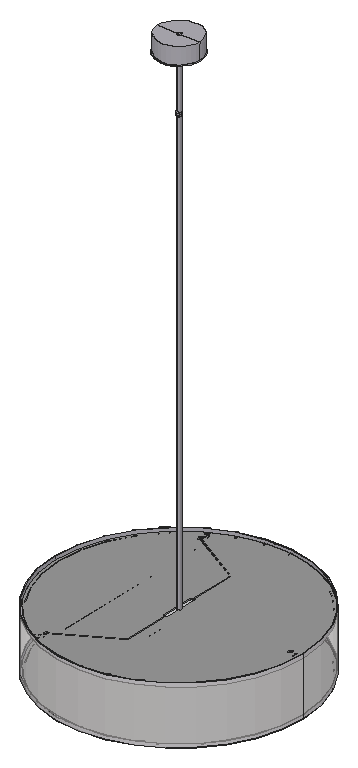
Revit family "Lighting - Lumetta - Pendant - P53408", category Lighting Fixtures, host Ceiling, Revit 2015
Parameters
  Wattage = 11.7117 W
  built-in parameter 1150110 = 1 (stored number, unit not read)
  URL = "https://lumetta.com/luminaires/drum-shallow-34-pendant/"
  Type Comments = "Drum Shallow 34'' Pendant"  # constant formula
  built-in parameter 1114217 = 1 (stored number, unit not read)
  Top Lens-Material [instance] = Acrylic - 2447 - White
  Top Lens [instance] = yes
  built-in parameter 1150109 = 1 (stored number, unit not read)
  built-in parameter 1150134 = (empty or 0)
  Suspension [instance] = 2
  built-in parameter 1150113 = 1 (stored number, unit not read)
  Stem Hung-ALL Lamping [instance] = Suspension = 2  # yes
  STD-NON_DIM [instance] = not([3-4-LED])  # yes
  Light Source Symbol Size = 0' - 1"
  Coupling-Stems Over 60 inches [instance] = and([Stem Hung-ALL Lamping], Fixture Drop > 5' 0")  # yes
  Model = "P53408"  # constant formula
  Manufacturer = "Lumetta, Inc."  # constant formula
  Lumens = 1300 lm
  built-in parameter 1150115 = 1 (stored number, unit not read)
  built-in parameter 1150105 = 103.45 (stored number, unit not read)
  built-in parameter 1150137 = (empty or 0)
  built-in parameter 1150139 = (empty or 0)
  built-in parameter 1150112 = 1 (stored number, unit not read)
  built-in parameter 1150114 = 1 (stored number, unit not read)
  built-in parameter 1150132 = 1
  built-in parameter 1150102 = (empty or 0)
  built-in parameter 1150138 = (empty or 0)
  built-in parameter 1150107 = 3000 (stored number, unit not read)
  built-in parameter 1150106 = 1.0345 (stored number, unit not read)
  Frame Finish [instance] = Paint - Lumetta - F02 - PC_Chrome
  Fixture Height [instance] = 0' - 8"
  Fixture Drop [instance] = 5' - 10"
  built-in parameter 1150104 = 10.312 (stored number, unit not read)
  Dimming Lamp Color Temperature Shift = (empty or 0)
  Diffuser Material [instance] = Shade - Lumetta - D61 - MT_White
  Description = ""
  Cord [instance] = Suspension = 1  # no
  Bottom Lens-Material [instance] = Acrylic - P95 - Etched White
  Bottom Lens [instance] = yes
  3-4-LED [instance] = and([3 or 4 Wire Dimming OR LED], Suspension = 1)  # no
  3 or 4 Wire Dimming OR LED [instance] = yes
  3 Cables [instance] = Suspension = 1  # no
  1CRD-3CBL-ALL Lamping [instance] = Suspension = 1  # no
  Cord Color [instance] = Cord, Black
  Color Filter = 16777215
  built-in parameter 1114218 = 1 (stored number, unit not read)
  built-in parameter 1150133 = 10 (stored number, unit not read)
Reference planes (in)
  plane 1 "Light Source Axis (F/B)": y = 0
  plane 2 "Ceiling": z = 96
  plane 3 "Light Source Axis (L/R)": x = 0
  plane 4 "Light Source Elevation": z = 23.5
  plane 5 "Fixture-Top": z = 26
  plane 6 "Fixture-OD": x = 17
  plane 7 "Fixture-Height": z = 18
  plane 8: through (0, 0, 0) normal (-0.5, -0.866, 0)
  plane 9: y = 0
  plane 10: through (0, 0, 0) normal (0.5, -0.866, 0)
  plane 11 "Plane-120": through (-8.5, 14.72243, 0) normal (0.5, -0.866, 0)
  plane 12 "Plane-240": through (-70.85383, 21.27757, 0) normal (0.5, 0.866, 0)
  plane 13: through (0, 0, 0) normal (-0.866, -0.5, 0)
  plane 14: through (0, 0, 0) normal (0.866, -0.5, 0)
Forms (in)
  Revolve 1, solid, material "Paint - Lumetta - F02 - PC_Chrome" <- "Frame Finish", visible <- "1CRD-3CBL-ALL Lamping"
    sketch origin (0, 0, 0) x (1, 0, 0) y (0, 0, 1)
      loop
        line (0, 96) -> (0, 95.4375) -> (3, 95.4375) -> (3, 95.5) -> (2.87509, 95.5) -> (2.87509, 96) -> (0, 96)
      axis (0, 96) -> (0, 95.4375)
    angle from 0 to 360
  Extrusion 2, void
    sketch origin (0, 0, 95.4375) x (0, -1, 0) y (1, 0, 0)
      loop
        circle (0, 0) r 0.25
      loop
        circle (0, 2.5) r 0.06274
      loop
        circle (-2.16506, -1.25) r 0.06274
      loop
        circle (2.16506, -1.25) r 0.06274
    from 0 to 0.06358
  Revolve 3, solid, material "Paint - Lumetta - F02 - PC_Chrome" <- "Frame Finish"
    sketch origin (0, 0, 0) x (1, 0, 0) y (0, 0, 1)
      loop
        line (17, 26) -> (16.93781, 26) -> (16.93781, 25.56373) -> (16.50031, 25.56373) -> (16.50031, 25.50123) -> (17, 25.50123) -> (17, 26)
      loop
        line (17, 18.50004) -> (16.93781, 18.50004) -> (16.93781, 18.06378) -> (16.50031, 18.06378) -> (16.50031, 18) -> (17, 18) -> (17, 18.50004)
      axis (0, 26) -> (0, 18)
    angle from 0 to 360
  Revolve 4, solid, material "Shade - Lumetta - D61 - MT_White" <- "Diffuser Material"
    sketch origin (0, 0, 0) x (1, 0, 0) y (0, 0, 1)
      loop
        line (17, 26) -> (17, 18) -> (17.06242, 18) -> (17.06242, 26) -> (17, 26)
      axis (0, 26) -> (0, 18)
    angle from 0 to 360
  Extrusion 5, solid, material "Paint - Lumetta - F02 - PC_Chrome" <- "Frame Finish", visible <- "Stem Hung-ALL Lamping"
    sketch origin (0, 0, 26) x (0, -1, 0) y (-1, 0, 0)
      loop
        circle (0, 0) r 0.25
    from 0.56254 to -70
  Revolve 6, solid, material "Paint - Lumetta - F02 - PC_Chrome" <- "Frame Finish", visible <- "Coupling-Stems Over 60 inches"
    sketch origin (0, 0, 0) x (1, 0, 0) y (0, 0, 1)
      loop
        line (0, 86.53023) -> (0, 86) -> (0.26233, 86)
        arc (0.26233, 86) -> (0.31307, 86.05074) -> (0.26233, 86.10149) r 0.05074
        arc (0.26233, 86.10149) -> (0.29304, 86.26499) -> (0.26243, 86.42851) r 0.45126
        arc (0.26243, 86.42851) -> (0.31329, 86.47937) -> (0.26243, 86.53023) r 0.05086
        line (0.26243, 86.53023) -> (0, 86.53023)
      axis (0, 86.53023) -> (0, 86)
    angle from 0 to 360
  Revolve 7, solid, material "Paint - Lumetta - F02 - PC_Chrome" <- "Frame Finish", visible <- "Stem Hung-ALL Lamping"
    sketch origin (0, 0, 0) x (1, 0, 0) y (0, 0, 1)
      loop
        line (0, 96) -> (0, 93.40625) -> (0.34988, 93.40625)
        arc (0.34988, 93.40625) -> (0.49124, 93.54417) -> (0.58115, 93.72) r 0.61026
        line (0.58115, 93.72) -> (3, 93.72) -> (3, 93.78) -> (2.875, 93.78) -> (2.875, 96) -> (0, 96)
      axis (0, 96) -> (0, 93.40625)
    angle from 0 to 360
  Extrusion 8, solid, material "Cord, Black" <- "Cord Color", visible <- "1CRD-3CBL-ALL Lamping"
    sketch origin (0, 0, 26) x (0, -1, 0) y (1, 0, 0)
      loop
        circle (0, 0) r 0.15674
    from -0.56254 to 70
  Extrusion 9, solid
    sketch origin (0, 0, 26) x (0, -1, 0) y (1, 0, 0)
      loop
        line (-0.5, 16.48559) -> (-0.5, 15.75) -> (0.5, 15.75) -> (0.5, 16.48559)
        arc (0.5, 16.48559) -> (0, 16.49317) -> (-0.5, 16.48559) r 16.49317
      loop
        circle (0, 16) r 0.11051
      loop
        arc (-14.53312, -7.81335) -> (-14.28968, -8.25015) -> (-14.03312, -8.67938) r 16.50031
        line (-14.03312, -8.67938) -> (-13.3899, -8.30801) -> (-13.8899, -7.44199) -> (-14.53312, -7.81335)
      loop
        circle (-13.85641, -8) r 0.10826
      loop
        arc (14.02694, -8.67581) -> (14.2835, -8.24658) -> (14.52694, -7.80978) r 16.49317
        line (14.52694, -7.80978) -> (13.8899, -7.44199) -> (13.3899, -8.30801) -> (14.02694, -8.67581)
      loop
        circle (13.85641, -8) r 0.10826
    from -0.43627 to -0.49877
  Extrusion 10, solid
    sketch origin (0, 0, 26) x (0, -1, 0) y (1, 0, 0)
      loop
        circle (0, 16) r 0.11051
      loop
        line (-0.76833, 16.23292) -> (-0.76833, 15.46921) -> (-13.81756, -7.13271) -> (-14.42396, -7.48282) -> (-13.67396, -8.78185) -> (-13.01257, -8.4) -> (13.08589, -8.4) -> (13.69229, -8.7501) -> (14.44229, -7.45107) -> (13.7809, -7.06921) -> (0.73167, 15.53271) -> (0.73167, 16.23292) -> (-0.76833, 16.23292)
      loop
        circle (0, 15.25) r 0.15796
      loop
        circle (-13.85641, -8) r 0.11051
      loop
        circle (-13.20689, -7.625) r 0.15796
      loop
        circle (13.85641, -8) r 0.11051
      loop
        circle (13.20689, -7.625) r 0.15796
      loop
        arc (11.2475, -6.7125) -> (11.43695, -6.60313) -> (11.43695, -6.38438) r 0.21875
        line (11.43695, -6.38438) -> (0.18944, 13.09688)
        arc (0.18944, 13.09688) -> (0, 13.20625) -> (-0.18944, 13.09688) r 0.21875
        line (-0.18944, 13.09688) -> (-11.43695, -6.38438)
        arc (-11.43695, -6.38438) -> (-11.43695, -6.60313) -> (-11.2475, -6.7125) r 0.21875
        line (-11.2475, -6.7125) -> (11.2475, -6.7125)
    from -0.5625 to -0.49877
  Sweep 11, solid, visible <- "1CRD-3CBL-ALL Lamping"
    path origin (0, 0, 0) x (1, 0, 0) y (0, 0, 1)
      loop
        line (2.5, 95.50108) -> (15.25, 25.50123)
    profile origin (8.875, 0, 60.50116) x (0.983814, 0, 0.179195) y (0, -1, 0)
      loop
        circle (0, 0) r 0.03083
  Sweep 12, solid, visible <- "1CRD-3CBL-ALL Lamping"
    path origin (0, 0, 0) x (-0.5, 0.866025, 0) y (0, 0, 1)
      loop
        line (2.5, 95.50108) -> (15.25, 25.50123)
    profile origin (-4.4375, 7.68598, 60.50116) x (-0.491907, 0.852008, 0.179195) y (0.866025, 0.5, 0)
      loop
        circle (0, 0) r 0.03083
  Sweep 13, solid, visible <- "1CRD-3CBL-ALL Lamping"
    path origin (0, 0, 0) x (-0.5, -0.866025, 0) y (0, 0, 1)
      loop
        line (2.5, 95.50108) -> (15.25, 25.50123)
    profile origin (-4.4375, -7.68598, 60.50116) x (-0.491907, -0.852008, 0.179195) y (-0.866025, 0.5, 0)
      loop
        circle (0, 0) r 0.03083
  Extrusion 14, solid, material "Acrylic - P95 - Etched White" <- "Bottom Lens-Material", visible <- "Bottom Lens"
    sketch origin (0, 0, 18) x (0, -1, 0) y (1, 0, 0)
      loop
        circle (0, 0) r 16.84375
    from 0.06378 to 0.1875
  Extrusion 15, solid
    sketch origin (0, 0, 26) x (0, -1, 0) y (1, 0, 0)
      loop
        line (-8.47262, -1.25) -> (8.47262, -1.25) -> (7.02924, 1.25) -> (-7.02924, 1.25) -> (-8.47262, -1.25)
      loop
        circle (0, 0) r 0.28281
    from -0.56254 to -0.49877
  Extrusion 16, solid, material "Acrylic - 2447 - White" <- "Top Lens-Material", visible <- "Top Lens"
    sketch origin (0, 0, 26) x (0, -1, 0) y (1, 0, 0)
      loop
        line (-2.50665, 0.05287) -> (-8.76685, 0.05287) -> (-13.06871, -7.39816)
        arc (-13.06871, -7.39816) -> (-13.39627, -7.81123) -> (-12.97776, -7.49064) r 0.26561
        line (-12.97776, -7.49064) -> (-8.69468, -0.07213) -> (-2.50665, -0.07213)
        arc (-2.50665, -0.07213) -> (-2.4132, -0.21734) -> (-2.25, -0.27378) r 0.26415
        line (-2.25, -0.27378) -> (2.25, -0.27378)
        arc (2.25, -0.27378) -> (2.41692, -0.21436) -> (2.50874, -0.06284) r 0.26415
        line (2.50874, -0.06284) -> (8.68932, -0.06284) -> (12.97864, -7.49217)
        arc (12.97864, -7.49217) -> (13.3955, -7.80984) -> (13.06947, -7.39949) r 0.26408
        line (13.06947, -7.39949) -> (8.76109, 0.06284) -> (2.50402, 0.06284)
        arc (2.50402, 0.06284) -> (2.40911, 0.20123) -> (2.25, 0.25453) r 0.26415
        line (2.25, 0.25453) -> (-2.25, 0.25453)
        arc (-2.25, 0.25453) -> (-2.4132, 0.19808) -> (-2.50665, 0.05287) r 0.26415
      loop
        circle (0, 15.25) r 0.26626
      loop
        circle (0, 0) r 16.84375
    from -0.43627 to -0.375
  Revolve 17, solid, material "Paint - Lumetta - F02 - PC_Chrome" <- "Frame Finish", visible <- "STD-NON_DIM"
    sketch origin (0, 0, 0) x (1, 0, 0) y (0, 0, 1)
      loop
        line (0, 95.4375) -> (0, 94.87435) -> (0.28215, 94.87435) -> (0.37481, 95.4375) -> (0, 95.4375)
      axis (0, 95.4375) -> (0, 94.87435)
    angle from 0 to 360
  Revolve 18, solid, material "Paint - Lumetta - F02 - PC_Chrome" <- "Frame Finish", visible <- "3-4-LED"
    sketch origin (0, 0, 0) x (1, 0, 0) y (0, 0, 1)
      loop
        line (0, 95.4375) -> (0, 95.3765) -> (0.37481, 95.3765) -> (0.37481, 95.4375) -> (0, 95.4375)
      axis (0, 95.4375) -> (0, 95.3765)
    angle from 0 to 360
Dimensions and locks (in)
  equal spacing: host sketch curve, plane 3 "Light Source Axis (L/R)", host sketch curve
  equal spacing: host sketch curve, plane 1 "Light Source Axis (F/B)", host sketch curve
  host sketch curve to host sketch curve = 10' - 0"  (x2)
  "Fixture Drop": plane 2 "Ceiling" to plane 5 "Fixture-Top"
  locked: plane 5 "Fixture-Top" to plane 4 "Light Source Elevation" at 2.5
  locked: plane 6 "Fixture-OD" to plane 3 "Light Source Axis (L/R)" at 17
  "Fixture Height": plane 5 "Fixture-Top" to plane 7 "Fixture-Height"
  locked: Extrusion 2 sketch curve to Extrusion 2 sketch curve at 2.5
  locked: plane 6 "Fixture-OD" to Revolve 3 sketch curve at 0.06219  (x2)
  locked: Revolve 4 sketch curve to plane 6 "Fixture-OD" at 0.06242
  locked: Revolve 3 to Revolve 4 at 0.06378
  locked: Extrusion 5 sketch curve to imposter light
  locked: Extrusion 5 sketch curve to imposter light at 0
  Revolve 6 sketch curve to Revolve 6 sketch curve = 0' - 0.15822"
  locked: Revolve 6 sketch curve to Revolve 4 at 60
  locked: Revolve 6 sketch curve to Revolve 6 sketch curve at 0.53023
  locked: Revolve 6 sketch curve to Revolve 6 sketch curve at 0.26243
  locked: Revolve 6 sketch curve to Revolve 6 sketch curve at 0.26233
  locked: Revolve 6 sketch curve to Revolve 6 sketch curve at 0.05074
  locked: Revolve 6 sketch curve to Revolve 6 sketch curve at 0.47937
  locked: Revolve 6 sketch curve to Revolve 6 sketch curve at 0.26512
  locked: Revolve 7 sketch curve to Revolve 7 sketch curve at 2.875
  locked: Revolve 7 sketch curve to Revolve 7 sketch curve at 0.31375
  locked: plane 5 "Fixture-Top" to Revolve 3 sketch curve at 0.49877
  locked: Revolve 3 sketch curve to Revolve 3 sketch curve at 0.0625
  locked: Revolve 3 sketch curve to plane 7 "Fixture-Height" at 0.50004
  locked: plane 6 "Fixture-OD" to Revolve 3 sketch curve at 0.49969
  locked: Revolve 1 sketch curve to Revolve 1 sketch curve at 0.0625
  locked: host ceiling to Revolve 1 sketch curve at 0.5625
  locked: Revolve 1 sketch curve to Revolve 1 sketch curve at 0.5625
  Revolve 1 sketch curve to Revolve 1 sketch curve = 0' - 2.87509"
  equal spacing: Extrusion 9 sketch curve, plane 1 "Light Source Axis (F/B)", Extrusion 9 sketch curve
  locked: Extrusion 9 sketch curve to plane 1 "Light Source Axis (F/B)" at 0.5
  locked: Extrusion 9 sketch curve to plane 6 "Fixture-OD" at 1
  locked: Extrusion 9 sketch curve to plane 6 "Fixture-OD" at 1.25
  locked: Extrusion 10 sketch curve to plane 6 "Fixture-OD" at 1
  locked: Extrusion 10 sketch curve to plane 6 "Fixture-OD" at 1.75
  locked: plane 10 to plane 11 "Plane-120" at 17
  locked: plane 12 "Plane-240" to plane 8 at 17
  locked: plane 11 "Plane-120" to Extrusion 9 sketch curve at 1.25
  locked: Extrusion 9 sketch curve to plane 11 "Plane-120" at 1
  locked: plane 12 "Plane-240" to Extrusion 9 sketch curve at 1.25
  locked: Extrusion 9 sketch curve to plane 12 "Plane-240" at 1
  locked: Extrusion 10 sketch curve to plane 11 "Plane-120" at 0.76708
  locked: Extrusion 10 sketch curve to plane 12 "Plane-240" at 0.76708
  locked: Extrusion 10 sketch curve to plane 6 "Fixture-OD" at 0.76708
  locked: Extrusion 10 sketch curve to plane 12 "Plane-240" at 1
  locked: Extrusion 10 sketch curve to plane 12 "Plane-240" at 1.75
  locked: Extrusion 10 sketch curve to plane 11 "Plane-120" at 1
  locked: Extrusion 10 sketch curve to plane 11 "Plane-120" at 1.75
  equal spacing: Extrusion 9 sketch curve, plane 13, Extrusion 9 sketch curve, locked at 0.5 each
  equal spacing: Extrusion 9 sketch curve, plane 14, Extrusion 9 sketch curve
  locked: plane 10 to Extrusion 2 sketch curve at 2.5
  locked: Extrusion 2 sketch curve to plane 8 at 2.5
  locked: Extrusion 10 sketch curve to Extrusion 10 sketch curve at 1.6875  (x3)
  locked: Extrusion 10 sketch curve to Extrusion 10 sketch curve at 1.5  (x3)
  locked: Extrusion 14 to plane 7 "Fixture-Height" at 0.1875
  plane 3 "Light Source Axis (L/R)" to Extrusion 15 sketch curve = 0' - 1 1/4"
  Extrusion 15 sketch curve to plane 3 "Light Source Axis (L/R)" = 0' - 1 1/4"
  locked: Extrusion 15 sketch curve to Extrusion 10 at 1.6875  (x2)
  locked: Extrusion 16 sketch curve to plane 9 at 2.25
  locked: Extrusion 16 sketch curve to plane 3 "Light Source Axis (L/R)" at 0.07213
  locked: plane 3 "Light Source Axis (L/R)" to Extrusion 16 sketch curve at 0.05287
  locked: plane 3 "Light Source Axis (L/R)" to Extrusion 16 sketch curve at 0.06284
  locked: Extrusion 16 sketch curve to plane 3 "Light Source Axis (L/R)" at 0.06284
  locked: Extrusion 16 sketch curve to plane 3 "Light Source Axis (L/R)" at 0.00963  (x2)
  locked: Extrusion 16 sketch curve to plane 11 "Plane-120" at 1.75
  locked: Extrusion 16 sketch curve to plane 12 "Plane-240" at 1.75
  locked: Extrusion 16 sketch curve to plane 6 "Fixture-OD" at 1.75
  locked: Extrusion 16 sketch curve to Extrusion 10 at 0.78125  (x2)
  locked: Extrusion 16 sketch curve to Extrusion 16 sketch curve at 0.125  (x2)
  Extrusion 16 to plane 3 "Light Source Axis (L/R)" = 0' - 0.07213"
  locked: plane 5 "Fixture-Top" to Extrusion 16 at 0.375
  locked: Revolve 1 sketch curve to Revolve 1 sketch curve at 3
  locked: Revolve 1 sketch curve to Revolve 1 sketch curve at 2.87509
  locked: Revolve 17 sketch curve to Revolve 17 sketch curve at 0.37481
  locked: Revolve 17 sketch curve to Revolve 17 sketch curve at 0.28215
  locked: Revolve 1 to Revolve 17 sketch curve at 0.56315
  locked: Revolve 1 to Revolve 18 sketch curve at 0.061
  locked: plane 3 "Light Source Axis (L/R)" to Revolve 18 sketch curve at 0.37481
  locked: Extrusion 14 sketch curve to Extrusion 14 sketch curve (radius 1' - 4 27/32")
  locked: Extrusion 16 sketch curve to Extrusion 16 sketch curve (radius 1' - 4 27/32")
  aligned and locked: plane 3 "Light Source Axis (L/R)" to imposter light
  aligned and locked: plane 1 "Light Source Axis (F/B)" to imposter light
  aligned and locked: plane 4 "Light Source Elevation" to imposter light
  aligned and locked: Revolve 4 sketch curve to plane 3 "Light Source Axis (L/R)"
  aligned and locked: Revolve 6 sketch curve to Revolve 6 sketch curve  (x2)
  aligned and locked: host ceiling to Extrusion 5
  aligned and locked: Extrusion 9 to Revolve 3
  aligned and locked: Revolve 3 to Extrusion 9
  aligned and locked: Extrusion 10 to Extrusion 9
  aligned and locked: Extrusion 9 sketch curve to Revolve 3
  aligned and locked: host ceiling to Extrusion 8
  aligned and locked: Extrusion 14 to Revolve 3
  aligned and locked: Extrusion 15 to Extrusion 5
  aligned and locked: Revolve 3 to Extrusion 15
  aligned and locked: Extrusion 16 sketch curve to Extrusion 16 sketch curve  (x2)
  aligned and locked: Extrusion 16 to Revolve 3
Automatic sketch dimensions
  Revolve 4 sketch curve to plane 6 "Fixture-OD" = 0' - 0"
  Revolve 4 sketch curve to plane 7 "Fixture-Height" = 0' - 0"
  Revolve 4 sketch curve to plane 5 "Fixture-Top" = 0' - 0"
  plane 7 "Fixture-Height" to Revolve 4 sketch curve = 0' - 1 1/4"
  Revolve 4 sketch curve to plane 5 "Fixture-Top" = 0' - 2 1/4"
  Revolve 6 sketch curve to plane 3 "Light Source Axis (L/R)" = 0' - 0"
  Revolve 6 sketch curve to Revolve 6 sketch curve = 0' - 11.34317"
  Revolve 7 sketch curve to plane 3 "Light Source Axis (L/R)" = 0' - 0"  (x3)
  Revolve 7 sketch curve to plane 2 "Ceiling" = 0' - 0"
  plane 3 "Light Source Axis (L/R)" to Revolve 7 sketch curve = 0' - 0.34988"
  Revolve 7 sketch curve to Revolve 7 sketch curve = 0' - 0.23126"
  Revolve 7 sketch curve to Revolve 7 sketch curve = 0' - 0 1/8"
  Revolve 7 sketch curve to plane 2 "Ceiling" = 0' - 2 3/32"
  Revolve 7 sketch curve to Revolve 7 sketch curve = 0' - 0.06"
  plane 2 "Ceiling" to Revolve 7 sketch curve = 0' - 1 3/4"
  Revolve 7 sketch curve to Revolve 7 sketch curve = 0' - 2 1/2"
  plane 1 "Light Source Axis (F/B)" to Extrusion 8 sketch curve = 0' - 0"
  Extrusion 8 sketch curve to plane 3 "Light Source Axis (L/R)" = 0' - 0"
  Revolve 3 sketch curve to plane 3 "Light Source Axis (L/R)" = 0' - 0"
  Revolve 3 sketch curve to plane 7 "Fixture-Height" = 0' - 0"
  Revolve 3 sketch curve to plane 5 "Fixture-Top" = 0' - 0"
  Revolve 3 sketch curve to plane 6 "Fixture-OD" = 0' - 0"  (x2)
  Revolve 3 sketch curve to level = 0' - 10"
  Revolve 3 sketch curve to plane 2 "Ceiling" = 0' - 1"
  Revolve 3 sketch curve to Revolve 3 sketch curve = 0' - 0 7/16"
  Revolve 3 sketch curve to Revolve 3 sketch curve = 0' - 0.06378"
  Extrusion 9 sketch curve to Extrusion 9 sketch curve = 0' - 0"  (x2)
  plane 1 "Light Source Axis (F/B)" to Extrusion 9 sketch curve = 0' - 0"  (x2)
  Extrusion 9 sketch curve to Extrusion 9 sketch curve = 0' - 0.03349"  (x2)
  Extrusion 9 sketch curve to Extrusion 9 sketch curve = 0' - 0.17053"
  Extrusion 9 sketch curve to plane 6 "Fixture-OD" = 0' - 0.51441"
  Extrusion 9 sketch curve to plane 3 "Light Source Axis (L/R)" = 0' - 0"
  plane 14 to Extrusion 9 sketch curve = 0' - 0"
  plane 13 to Extrusion 9 sketch curve = 0' - 0"
  Extrusion 2 sketch curve to Revolve 1 = 0' - 0"
  Extrusion 2 sketch curve to Extrusion 2 sketch curve = 0' - 1 1/4"  (x2)
  Sweep 11 sketch curve to plane 2 "Ceiling" = 0' - 0.49892"
  plane 3 "Light Source Axis (L/R)" to Sweep 11 sketch curve = 0' - 2 1/2"
  plane 5 "Fixture-Top" to Sweep 11 sketch curve = 0' - 0.49877"
  Sweep 11 sketch curve to plane 6 "Fixture-OD" = 0' - 1 3/4"
  Sweep 11 sketch curve to plane 1 "Light Source Axis (F/B)" = 0' - 0"
  Sweep 11 sketch curve to profile plane = 0' - 0"
  Sweep 12 sketch curve to plane 2 "Ceiling" = 0' - 0.49892"
  Sweep 12 sketch curve to plane 10 = 0' - 2 1/2"
  plane 5 "Fixture-Top" to Sweep 12 sketch curve = 0' - 0.49877"
  plane 11 "Plane-120" to Sweep 12 sketch curve = 0' - 1 3/4"
  Sweep 12 sketch curve to profile plane = 0' - 0"
  profile plane to Sweep 12 sketch curve = 0' - 0"
  Sweep 13 sketch curve to plane 2 "Ceiling" = 0' - 0.49892"
  plane 8 to Sweep 13 sketch curve = 0' - 2 1/2"
  plane 5 "Fixture-Top" to Sweep 13 sketch curve = 0' - 0.49877"
  plane 12 "Plane-240" to Sweep 13 sketch curve = 0' - 1 3/4"
  profile plane to Sweep 13 sketch curve = 0' - 0"  (x2)
  plane 13 to Extrusion 10 sketch curve = 0' - 0"  (x3)
  plane 1 "Light Source Axis (F/B)" to Extrusion 10 sketch curve = 0' - 0"  (x3)
  plane 14 to Extrusion 10 sketch curve = 0' - 0"  (x2)
  Extrusion 10 sketch curve to plane 14 = 0' - 0"
  Extrusion 10 sketch curve to Extrusion 10 sketch curve = 0' - 0.18245"
  Extrusion 10 sketch curve to plane 1 "Light Source Axis (F/B)" = 0' - 0.18944"
  plane 1 "Light Source Axis (F/B)" to Extrusion 10 sketch curve = 0' - 0.18944"
  plane 1 "Light Source Axis (F/B)" to Extrusion 10 sketch curve = 0' - 0.73167"
  Extrusion 10 sketch curve to Extrusion 10 sketch curve = 0' - 0.121"
  Extrusion 10 sketch curve to Extrusion 10 sketch curve = 0' - 0 7/64"
  Extrusion 10 sketch curve to Extrusion 10 sketch curve = 0' - 1.95938"
  Extrusion 10 sketch curve to Extrusion 10 sketch curve = 0' - 0 7/32"
  Extrusion 10 sketch curve to Extrusion 10 sketch curve = 0' - 0.18944"  (x2)
  Extrusion 10 sketch curve to Extrusion 10 sketch curve = 0' - 0.6064"
  Extrusion 10 sketch curve to Extrusion 10 sketch curve = 0' - 0.66139"
  plane 1 "Light Source Axis (F/B)" to Extrusion 15 sketch curve = 0' - 0"
  Extrusion 15 sketch curve to plane 3 "Light Source Axis (L/R)" = 0' - 0"
  plane 1 "Light Source Axis (F/B)" to Extrusion 14 sketch curve = 0' - 0"
  Extrusion 14 sketch curve to plane 3 "Light Source Axis (L/R)" = 0' - 0"
  plane 13 to Extrusion 16 sketch curve = 0' - 0"
  plane 1 "Light Source Axis (F/B)" to Extrusion 16 sketch curve = 0' - 0"  (x2)
  plane 14 to Extrusion 16 sketch curve = 0' - 0"
  Extrusion 16 sketch curve to plane 3 "Light Source Axis (L/R)" = 0' - 0"
  plane 1 "Light Source Axis (F/B)" to Extrusion 16 sketch curve = 0' - 2 1/4"
  Extrusion 16 sketch curve to Extrusion 16 sketch curve = 0' - 0.25665"
  Extrusion 16 sketch curve to Extrusion 16 sketch curve = 0' - 0.13436"
  Extrusion 16 sketch curve to Extrusion 16 sketch curve = 0' - 0.09083"
  Revolve 1 sketch curve to plane 3 "Light Source Axis (L/R)" = 0' - 0"  (x2)
  Revolve 1 sketch curve to plane 5 "Fixture-Top" = 0' - 1 1/4"
  Revolve 1 sketch curve to Revolve 1 sketch curve = 0' - 9 3/4"
  Revolve 17 sketch curve to plane 3 "Light Source Axis (L/R)" = 0' - 0"  (x2)
  Revolve 17 sketch curve to plane 2 "Ceiling" = 0' - 0 9/16"
  Revolve 17 sketch curve to Revolve 17 sketch curve = 0' - 1.18685"
  plane 2 "Ceiling" to Revolve 17 sketch curve = 0' - 6 11/16"
  Revolve 18 sketch curve to plane 3 "Light Source Axis (L/R)" = 0' - 0"  (x2)
  Revolve 18 sketch curve to Revolve 18 sketch curve = 0' - 0.061"
  Revolve 18 sketch curve to Revolve 18 sketch curve = 0' - 0.82606"
  Revolve 18 sketch curve to plane 2 "Ceiling" = 0' - 0 1/4"
  radius of Extrusion 5 sketch curve = 0' - 0 1/4"
  radius of Extrusion 8 sketch curve = 0' - 0.15674"
  radius of Extrusion 9 sketch curve = 0' - 0.11051"
  radius of Extrusion 9 sketch curve = 0' - 0.10826"  (x2)
  radius of Extrusion 2 sketch curve = 0' - 0.06274"  (x3)
  radius of Sweep 11 sketch curve = 0' - 0.03083"
  radius of Sweep 12 sketch curve = 0' - 0.03083"
  radius of Sweep 13 sketch curve = 0' - 0.03083"
  radius of Extrusion 10 sketch curve = 0' - 0.11051"  (x3)
  radius of Extrusion 10 sketch curve = 0' - 0.15796"  (x3)
  radius of Extrusion 15 sketch curve = 0' - 0.28281"
  radius of Extrusion 16 sketch curve = 0' - 0.26626"
  radius of Extrusion 2 sketch curve to Revolve 1 = 0' - 2 3/4"
